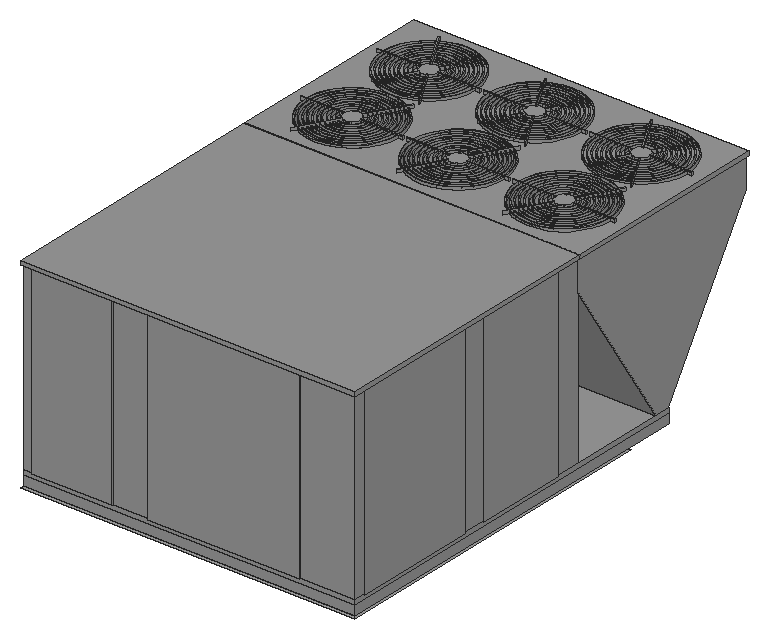
Revit family "RTU-1", category Mechanical Equipment, host Face, Revit 2025
Family settings
  Host = Face
  Round Connector Dimension = Use Diameter
  Classification = None
  Part Type = Normal
  Cut with Voids When Loaded = No
  Maintain Annotation Orientation = Yes
  Shared = No
  Room Calculation Point = No
Parameters (values of type "LCH 240 H4B K 1Y")
  URL = "https://tech.lennoxintl.com/C03e7o14l/VIu12Ch2uV/ehb_lch_cbox_2109.pdf"
  Supply Flow [instance] = 0 CFM
  Return Flow [instance] = 0 CFM
  Model = "LCH 240 H4B K 1Y"
  Material = Aluminum 1100-O
  Manufacturer = "LENNOX"
  Grill Material = Steel, Paint Finish, Dark Gray
  Default Elevation = 48"
Reference planes (in)
  plane 1 "Center (Front/Back)": y = 0
  plane 2: z = 0
  plane 3 "Center (Left/Right)": x = 0
  plane 4: z = 45.1875
  plane 5: y = 48.375
  plane 6: through (-28.53125, 37.65625, 55) normal (-0.7071, -0.7071, 0)
  plane 7: through (-28.53125, 37.65625, 55) normal (-0.7071, 0.7071, 0)
  plane 8: through (-28.53125, 37.65625, 55) normal (0.7071, -0.7071, 0)
  plane 9: through (-28.53125, 37.65625, 55) normal (0.7071, 0.7071, 0)
  plane 10: x = -30.90625
  plane 11: x = -31.90625
  plane 12: x = -32.90625
  plane 13: x = -33.90625
  plane 14: x = -34.90625
  plane 15: x = -35.90625
  plane 16: x = -36.90625
  plane 17: x = -37.90625
  plane 18: x = -38.90625
  plane 19: x = -39.90625
  plane 20: x = -40.90625
  plane 21: x = -42.34375
  plane 22: x = -41.03125
  plane 23: x = -14.71875
  plane 24: x = -16.03125
  plane 25: y = 52.625
  plane 26: y = 50.5
  plane 27: y = 22.25
  plane 28: y = 78.9375
  plane 29: y = 50.59375
  plane 30: x = -30.90625
  plane 31: x = -31.90625
  plane 32: x = -32.90625
  plane 33: x = -33.90625
  plane 34: x = -34.90625
  plane 35: x = -35.90625
  plane 36: x = -36.90625
  plane 37: x = -37.90625
  plane 38: x = -38.90625
  plane 39: x = -39.90625
  plane 40: x = -40.90625
  plane 41: x = -42.34375
  plane 42: x = -41.03125
  plane 43: x = -14.71875
  plane 44: x = -16.03125
  plane 45: x = -2.375
  plane 46: x = -3.375
  plane 47: x = -4.375
  plane 48: x = -5.375
  plane 49: x = -6.375
  plane 50: x = -7.375
  plane 51: x = -8.375
  plane 52: x = -9.375
  plane 53: x = -10.375
  plane 54: x = -11.375
  plane 55: x = -12.375
  plane 56: x = -13.8125
  plane 57: x = -12.5
  plane 58: x = 13.8125
  plane 59: x = 12.5
  plane 60: x = 26.15625
  plane 61: x = 25.15625
  plane 62: x = 24.15625
  plane 63: x = 23.15625
  plane 64: x = 22.15625
  plane 65: x = 21.15625
  plane 66: x = 20.15625
  plane 67: x = 19.15625
  plane 68: x = 18.15625
  plane 69: x = 17.15625
  plane 70: x = 16.15625
  plane 71: x = 14.71875
  plane 72: x = 16.03125
  plane 73: x = 42.34375
  plane 74: x = 41.03125
  plane 75: through (-36.72095, 74.75222, 110.75) normal (-0.5, 0.866, 0)
  plane 76: through (-34.78125, 74.35657, 110.75) normal (0.5, -0.866, 0)
  plane 77: through (-20.34155, 74.75222, 110.75) normal (-0.5, -0.866, 0)
  plane 78: through (-22.28125, 74.35657, 110.75) normal (0.5, 0.866, 0)
  plane 79: through (-36.72095, 52.31028, 110.75) normal (0.5, 0.866, 0)
  plane 80: through (-34.78125, 52.70593, 110.75) normal (-0.5, -0.866, 0)
  plane 81: through (-20.34155, 52.31028, 110.75) normal (0.5, -0.866, 0)
  plane 82: through (-22.28125, 52.70593, 110.75) normal (-0.5, 0.866, 0)
  plane 83: through (-36.72095, 26.43528, 110.75) normal (0.5, 0.866, 0)
  plane 84: through (-34.78125, 26.83093, 110.75) normal (-0.5, -0.866, 0)
  plane 85: through (-20.34155, 26.43528, 110.75) normal (0.5, -0.866, 0)
  plane 86: through (-22.28125, 26.83093, 110.75) normal (-0.5, 0.866, 0)
  plane 87: through (-36.72095, 48.87722, 110.75) normal (-0.5, 0.866, 0)
  plane 88: through (-34.78125, 48.48157, 110.75) normal (0.5, -0.866, 0)
  plane 89: through (-20.34155, 48.87722, 110.75) normal (-0.5, -0.866, 0)
  plane 90: through (-22.28125, 48.48157, 110.75) normal (0.5, 0.866, 0)
  plane 91: through (-8.1897, 74.75222, 110.75) normal (-0.5, 0.866, 0)
  plane 92: through (-6.25, 74.35657, 110.75) normal (0.5, -0.866, 0)
  plane 93: through (8.1897, 74.75222, 110.75) normal (-0.5, -0.866, 0)
  plane 94: through (6.25, 74.35657, 110.75) normal (0.5, 0.866, 0)
  plane 95: through (-8.1897, 52.31028, 110.75) normal (0.5, 0.866, 0)
  plane 96: through (-6.25, 52.70593, 110.75) normal (-0.5, -0.866, 0)
  plane 97: through (8.1897, 52.31028, 110.75) normal (0.5, -0.866, 0)
  plane 98: through (6.25, 52.70593, 110.75) normal (-0.5, 0.866, 0)
  plane 99: through (20.34155, 74.75222, 110.75) normal (-0.5, 0.866, 0)
  plane 100: through (22.28125, 74.35657, 110.75) normal (0.5, -0.866, 0)
  plane 101: through (36.72095, 74.75222, 110.75) normal (-0.5, -0.866, 0)
  plane 102: through (34.78125, 74.35657, 110.75) normal (0.5, 0.866, 0)
  plane 103: through (20.34155, 52.31028, 110.75) normal (0.5, 0.866, 0)
  plane 104: through (22.28125, 52.70593, 110.75) normal (-0.5, -0.866, 0)
  plane 105: through (36.72095, 52.31028, 110.75) normal (0.5, -0.866, 0)
  plane 106: through (34.78125, 52.70593, 110.75) normal (-0.5, 0.866, 0)
  plane 107: x = -30.90625
  plane 108: x = -31.90625
  plane 109: x = -32.90625
  plane 110: x = -33.90625
  plane 111: x = -34.90625
  plane 112: x = -35.90625
  plane 113: x = -36.90625
  plane 114: x = -37.90625
  plane 115: x = -38.90625
  plane 116: x = -39.90625
  plane 117: x = -40.90625
  plane 118: x = -42.34375
  plane 119: x = -41.03125
  plane 120: x = -14.71875
  plane 121: x = -16.03125
  plane 122: x = -2.375
  plane 123: x = -3.375
  plane 124: x = -4.375
  plane 125: x = -5.375
  plane 126: x = -6.375
  plane 127: x = -7.375
  plane 128: x = -8.375
  plane 129: x = -9.375
  plane 130: x = -10.375
  plane 131: x = -11.375
  plane 132: x = -12.375
  plane 133: x = -13.8125
  plane 134: x = -12.5
  plane 135: x = 13.8125
  plane 136: x = 12.5
  plane 137: x = 26.15625
  plane 138: x = 25.15625
  plane 139: x = 24.15625
  plane 140: x = 23.15625
  plane 141: x = 22.15625
  plane 142: x = 21.15625
  plane 143: x = 20.15625
  plane 144: x = 19.15625
  plane 145: x = 18.15625
  plane 146: x = 17.15625
  plane 147: x = 16.15625
  plane 148: x = 14.71875
  plane 149: x = 16.03125
  plane 150: x = 42.34375
  plane 151: x = 41.03125
  plane 152: through (-36.72095, 26.43528, 110.75) normal (0.5, 0.866, 0)
  plane 153: through (-34.78125, 26.83093, 110.75) normal (-0.5, -0.866, 0)
  plane 154: through (-20.34155, 26.43528, 110.75) normal (0.5, -0.866, 0)
  plane 155: through (-22.28125, 26.83093, 110.75) normal (-0.5, 0.866, 0)
  plane 156: through (-36.72095, 48.87722, 110.75) normal (-0.5, 0.866, 0)
  plane 157: through (-34.78125, 48.48157, 110.75) normal (0.5, -0.866, 0)
  plane 158: through (-20.34155, 48.87722, 110.75) normal (-0.5, -0.866, 0)
  plane 159: through (-22.28125, 48.48157, 110.75) normal (0.5, 0.866, 0)
  plane 160: through (-8.1897, 26.43528, 110.75) normal (0.5, 0.866, 0)
  plane 161: through (-6.25, 26.83093, 110.75) normal (-0.5, -0.866, 0)
  plane 162: through (8.1897, 26.43528, 110.75) normal (0.5, -0.866, 0)
  plane 163: through (6.25, 26.83093, 110.75) normal (-0.5, 0.866, 0)
  plane 164: through (-8.1897, 48.87722, 110.75) normal (-0.5, 0.866, 0)
  plane 165: through (-6.25, 48.48157, 110.75) normal (0.5, -0.866, 0)
  plane 166: through (8.1897, 48.87722, 110.75) normal (-0.5, -0.866, 0)
  plane 167: through (6.25, 48.48157, 110.75) normal (0.5, 0.866, 0)
  plane 168: through (20.34155, 26.43528, 110.75) normal (0.5, 0.866, 0)
  plane 169: through (22.28125, 26.83093, 110.75) normal (-0.5, -0.866, 0)
  plane 170: through (36.72095, 26.43528, 110.75) normal (0.5, -0.866, 0)
  plane 171: through (34.78125, 26.83093, 110.75) normal (-0.5, 0.866, 0)
  plane 172: through (20.34155, 48.87722, 110.75) normal (-0.5, 0.866, 0)
  plane 173: through (22.28125, 48.48157, 110.75) normal (0.5, -0.866, 0)
  plane 174: through (36.72095, 48.87722, 110.75) normal (-0.5, -0.866, 0)
  plane 175: through (34.78125, 48.48157, 110.75) normal (0.5, 0.866, 0)
Forms (in)
  Extrusion 1, solid, material "Aluminum 1100-O" <- "Material"
    sketch origin (0, 0, 0) x (1, 0, 0) y (0, 1, 0)
      loop
        line (-44.5625, 22.25) -> (-44.5625, -52.75) -> (44.5625, -52.75) -> (44.5625, 22.25) -> (-44.5625, 22.25)
    from 4.125 to 53.5625
  Extrusion 2, solid, material "Aluminum 1100-O" <- "Material"
    sketch origin (0, 0, -50.125) x (1, 0, 0) y (0, 1, 0)
      loop
        line (-44.5625, 52.75) -> (-44.5625, -52.75) -> (44.5625, -52.75) -> (44.5625, 52.75) -> (-44.5625, 52.75)
    from 53.0625 to 54.25
  Extrusion 3, solid, material "Aluminum 1100-O" <- "Material"
    sketch origin (0, 0, -51.3125) x (1, 0, 0) y (0, 1, 0)
      loop
        line (-44.5625, 52.75) -> (-44.5625, -52.75) -> (44.5625, -52.75) -> (44.5625, 52.75) -> (-44.5625, 52.75)
    from 51.6875 to 54.25
  Blend 4, solid, material "Aluminum 1100-O" <- "Material"
    base sketch origin (0, 0, 0) x (1, 0, 0) y (0, 1, 0)
      loop
        line (-45.0625, 39.41026) -> (-45.0625, -53.25) -> (45.0625, -53.25) -> (45.0625, 39.41026) -> (-45.0625, 39.41026)
    top sketch origin (0, 0, 0) x (1, 0, 0) y (0, 1, 0)
      loop
        line (-44.5625, 38.91026) -> (-44.5625, -52.75) -> (44.5625, -52.75) -> (44.5625, 38.91026) -> (-44.5625, 38.91026)
    from 0 to 0.375
  Extrusion 5, solid, material "Aluminum 1100-O" <- "Material"
    sketch origin (0, 0, 0) x (0, 1, 0) y (0, 0, 1)
      loop
        line (48.375, 4.125) -> (52.625, 4.125) -> (78.75, 45.1875) -> (78.75, 53.5625) -> (22.25, 53.5625) -> (22.25, 45.1875) -> (48.375, 4.125)
    from -44.5625 to 44.5625
  Extrusion 6, solid, material "Aluminum 1100-O" <- "Material"
    sketch origin (0, 0, 0) x (1, 0, 0) y (0, 1, 0)
      loop
        line (-45.0625, 22.25) -> (-45.0625, -53.25) -> (45.0625, -53.25) -> (45.0625, 22.25) -> (-45.0625, 22.25)
    from 53.5625 to 54.625
  Extrusion 7, solid, material "Aluminum 1100-O" <- "Material"
    sketch origin (0, 75.3125, 0) x (1, 0, 0) y (0, 1, 0)
      loop
        line (-45.0625, 3.625) -> (-45.0625, -53.0625) -> (45.0625, -53.0625) -> (45.0625, 3.625) -> (-45.0625, 3.625)
    from 53.5625 to 54.625
  Extrusion 8, void
    sketch origin (-8.58719, -1.71744, 0) x (1, 0, 0) y (0, 1, 0)
      loop
        circle (8.58719, 39.37369) r 12.5
      loop
        circle (-19.94406, 39.37369) r 12.5
      loop
        circle (37.11844, 39.37369) r 12.5
    from 45.45857 to 54.625
  Extrusion 9, solid, material "Steel, Paint Finish, Dark Gray" <- "Grill Material", not visible
    sketch origin (0, 0, 54.625) x (1, 0, 0) y (0, 1, 0)
      loop
        circle (-28.53125, 37.65625) r 2.375
      loop
        circle (-28.53125, 37.65625) r 3.375
      loop
        circle (-28.53125, 37.65625) r 3.5
      loop
        circle (-28.53125, 37.65625) r 4.375
      loop
        circle (-28.53125, 37.65625) r 5.25
      loop
        circle (-28.53125, 37.65625) r 4.5
      loop
        circle (-28.53125, 37.65625) r 5.375
      loop
        circle (-28.53125, 37.65625) r 6.375
      loop
        circle (-28.53125, 37.65625) r 7.375
      loop
        circle (-28.53125, 37.65625) r 9.375
      loop
        circle (-28.53125, 37.65625) r 10.375
      loop
        circle (-28.53125, 37.65625) r 11.375
      loop
        circle (-28.53125, 37.65625) r 12.375
      loop
        circle (-28.53125, 37.65625) r 12.5
      loop
        circle (-28.53125, 37.65625) r 7.5
      loop
        circle (-28.53125, 37.65625) r 9.5
      loop
        circle (-28.53125, 37.65625) r 10.5
      loop
        circle (-28.53125, 37.65625) r 11.5
      loop
        circle (-28.53125, 37.65625) r 8.375
      loop
        circle (-28.53125, 37.65625) r 8.5
      loop
        circle (-28.53125, 37.65625) r 6.5
    from 0 to 0.625
  Extrusion 10, solid, material "Steel, Paint Finish, Dark Gray" <- "Grill Material", not visible
    sketch origin (0, 0, 55.75) x (1, 0, 0) y (0, 1, 0)
      loop
        line (-42.34375, 37.78125) -> (-42.34375, 37.53125) -> (-30.90296, 37.53125)
        arc (-30.90296, 37.53125) -> (-30.90543, 37.59373) -> (-30.90625, 37.65625) r 2.375
        arc (-30.90625, 37.65625) -> (-30.90543, 37.71877) -> (-30.90296, 37.78125) r 2.375
        line (-30.90296, 37.78125) -> (-42.34375, 37.78125)
    from -1.125 to -0.3427
  Extrusion 11, solid, material "Steel, Paint Finish, Dark Gray" <- "Grill Material", not visible
    sketch origin (-57.0625, 0, 55.75) x (-1, 0, 0) y (0, -1, 0)
      loop
        line (-42.34375, -37.78125) -> (-30.90296, -37.78125)
        arc (-30.90296, -37.78125) -> (-30.90543, -37.71877) -> (-30.90625, -37.65625) r 2.375
        arc (-30.90625, -37.65625) -> (-30.90543, -37.59373) -> (-30.90296, -37.53125) r 2.375
        line (-30.90296, -37.53125) -> (-42.34375, -37.53125) -> (-42.34375, -37.78125)
    from -1.125 to -0.3427
  Extrusion 12, void
    sketch origin (0, 0, 0) x (1, 0, 0) y (0, 1, 0)
      loop
        line (-40.8125, 19.625) -> (-40.8125, -40.875) -> (-25.8125, -40.875) -> (-25.8125, 19.625) -> (-40.8125, 19.625)
      loop
        line (12.1875, -40.875) -> (12.1875, 19.625) -> (-7.8125, 19.625) -> (-7.8125, -40.875) -> (12.1875, -40.875)
      loop
        line (33.0625, -44.25) -> (33.0625, -49.25) -> (41.0625, -49.25) -> (41.0625, -44.25) -> (33.0625, -44.25)
    from 0 to 12
  Extrusion 13, solid, material "Steel, Paint Finish, Dark Gray" <- "Grill Material"
    sketch origin (0, 101.1875, 54.625) x (1, 0, 0) y (0, 1, 0)
      loop
        circle (-28.53125, -37.65625) r 2.375
      loop
        circle (-28.53125, -37.65625) r 3.375
      loop
        circle (-28.53125, -37.65625) r 3.5
      loop
        circle (-28.53125, -37.65625) r 4.375
      loop
        circle (-28.53125, -37.65625) r 5.25
      loop
        circle (-28.53125, -37.65625) r 4.5
      loop
        circle (-28.53125, -37.65625) r 5.375
      loop
        circle (-28.53125, -37.65625) r 6.375
      loop
        circle (-28.53125, -37.65625) r 7.375
      loop
        circle (-28.53125, -37.65625) r 9.375
      loop
        circle (-28.53125, -37.65625) r 10.375
      loop
        circle (-28.53125, -37.65625) r 11.375
      loop
        circle (-28.53125, -37.65625) r 12.375
      loop
        circle (-28.53125, -37.65625) r 12.5
      loop
        circle (-28.53125, -37.65625) r 7.5
      loop
        circle (-28.53125, -37.65625) r 9.5
      loop
        circle (-28.53125, -37.65625) r 10.5
      loop
        circle (-28.53125, -37.65625) r 11.5
      loop
        circle (-28.53125, -37.65625) r 8.375
      loop
        circle (-28.53125, -37.65625) r 8.5
      loop
        circle (-28.53125, -37.65625) r 6.5
    from 0 to 0.625
  Extrusion 14, solid, material "Steel, Paint Finish, Dark Gray" <- "Grill Material"
    sketch origin (0, 101.1875, 55.75) x (1, 0, 0) y (0, 1, 0)
      loop
        line (-42.34375, -37.78125) -> (-30.90296, -37.78125)
        arc (-30.90296, -37.78125) -> (-30.90543, -37.71877) -> (-30.90625, -37.65625) r 2.375
        arc (-30.90625, -37.65625) -> (-30.90543, -37.59373) -> (-30.90296, -37.53125) r 2.375
        line (-30.90296, -37.53125) -> (-42.34375, -37.53125) -> (-42.34375, -37.78125)
    from -1.125 to -0.3427
  Extrusion 15, solid, material "Steel, Paint Finish, Dark Gray" <- "Grill Material"
    sketch origin (-57.0625, 101.1875, 55.75) x (-1, 0, 0) y (0, -1, 0)
      loop
        line (-42.34375, 37.78125) -> (-42.34375, 37.53125) -> (-30.90296, 37.53125)
        arc (-30.90296, 37.53125) -> (-30.90543, 37.59373) -> (-30.90625, 37.65625) r 2.375
        arc (-30.90625, 37.65625) -> (-30.90543, 37.71877) -> (-30.90296, 37.78125) r 2.375
        line (-30.90296, 37.78125) -> (-42.34375, 37.78125)
    from -1.125 to -0.3427
  Extrusion 16, solid, material "Steel, Paint Finish, Dark Gray" <- "Grill Material"
    sketch origin (28.53125, 101.1875, 54.625) x (1, 0, 0) y (0, 1, 0)
      loop
        circle (-28.53125, -37.65625) r 2.375
      loop
        circle (-28.53125, -37.65625) r 3.375
      loop
        circle (-28.53125, -37.65625) r 3.5
      loop
        circle (-28.53125, -37.65625) r 4.375
      loop
        circle (-28.53125, -37.65625) r 5.25
      loop
        circle (-28.53125, -37.65625) r 4.5
      loop
        circle (-28.53125, -37.65625) r 5.375
      loop
        circle (-28.53125, -37.65625) r 6.375
      loop
        circle (-28.53125, -37.65625) r 7.375
      loop
        circle (-28.53125, -37.65625) r 9.375
      loop
        circle (-28.53125, -37.65625) r 10.375
      loop
        circle (-28.53125, -37.65625) r 11.375
      loop
        circle (-28.53125, -37.65625) r 12.375
      loop
        circle (-28.53125, -37.65625) r 12.5
      loop
        circle (-28.53125, -37.65625) r 7.5
      loop
        circle (-28.53125, -37.65625) r 9.5
      loop
        circle (-28.53125, -37.65625) r 10.5
      loop
        circle (-28.53125, -37.65625) r 11.5
      loop
        circle (-28.53125, -37.65625) r 8.375
      loop
        circle (-28.53125, -37.65625) r 8.5
      loop
        circle (-28.53125, -37.65625) r 6.5
    from 0 to 0.625
  Extrusion 17, solid, material "Steel, Paint Finish, Dark Gray" <- "Grill Material"
    sketch origin (28.53125, 101.1875, 55.75) x (1, 0, 0) y (0, 1, 0)
      loop
        line (-42.34375, -37.78125) -> (-30.90296, -37.78125)
        arc (-30.90296, -37.78125) -> (-30.90543, -37.71877) -> (-30.90625, -37.65625) r 2.375
        arc (-30.90625, -37.65625) -> (-30.90543, -37.59373) -> (-30.90296, -37.53125) r 2.375
        line (-30.90296, -37.53125) -> (-42.34375, -37.53125) -> (-42.34375, -37.78125)
    from -1.125 to -0.3427
  Extrusion 18, solid, material "Steel, Paint Finish, Dark Gray" <- "Grill Material"
    sketch origin (-28.53125, 101.1875, 55.75) x (-1, 0, 0) y (0, -1, 0)
      loop
        line (-42.34375, 37.78125) -> (-42.34375, 37.53125) -> (-30.90296, 37.53125)
        arc (-30.90296, 37.53125) -> (-30.90543, 37.59373) -> (-30.90625, 37.65625) r 2.375
        arc (-30.90625, 37.65625) -> (-30.90543, 37.71877) -> (-30.90296, 37.78125) r 2.375
        line (-30.90296, 37.78125) -> (-42.34375, 37.78125)
    from -1.125 to -0.3427
  Extrusion 19, solid, material "Steel, Paint Finish, Dark Gray" <- "Grill Material"
    sketch origin (57.0625, 0, 54.625) x (1, 0, 0) y (0, 1, 0)
      loop
        circle (-28.53125, 63.53125) r 2.375
      loop
        circle (-28.53125, 63.53125) r 3.375
      loop
        circle (-28.53125, 63.53125) r 3.5
      loop
        circle (-28.53125, 63.53125) r 4.375
      loop
        circle (-28.53125, 63.53125) r 5.25
      loop
        circle (-28.53125, 63.53125) r 4.5
      loop
        circle (-28.53125, 63.53125) r 5.375
      loop
        circle (-28.53125, 63.53125) r 6.375
      loop
        circle (-28.53125, 63.53125) r 7.375
      loop
        circle (-28.53125, 63.53125) r 9.375
      loop
        circle (-28.53125, 63.53125) r 10.375
      loop
        circle (-28.53125, 63.53125) r 11.375
      loop
        circle (-28.53125, 63.53125) r 12.375
      loop
        circle (-28.53125, 63.53125) r 12.5
      loop
        circle (-28.53125, 63.53125) r 7.5
      loop
        circle (-28.53125, 63.53125) r 9.5
      loop
        circle (-28.53125, 63.53125) r 10.5
      loop
        circle (-28.53125, 63.53125) r 11.5
      loop
        circle (-28.53125, 63.53125) r 8.375
      loop
        circle (-28.53125, 63.53125) r 8.5
      loop
        circle (-28.53125, 63.53125) r 6.5
    from 0 to 0.625
  Extrusion 20, solid, material "Steel, Paint Finish, Dark Gray" <- "Grill Material"
    sketch origin (57.0625, 0, 55.75) x (1, 0, 0) y (0, 1, 0)
      loop
        line (-42.34375, 63.40625) -> (-30.90296, 63.40625)
        arc (-30.90296, 63.40625) -> (-30.90543, 63.46873) -> (-30.90625, 63.53125) r 2.375
        arc (-30.90625, 63.53125) -> (-30.90543, 63.59377) -> (-30.90296, 63.65625) r 2.375
        line (-30.90296, 63.65625) -> (-42.34375, 63.65625) -> (-42.34375, 63.40625)
    from -1.125 to -0.3427
  Extrusion 21, solid, material "Steel, Paint Finish, Dark Gray" <- "Grill Material"
    sketch origin (0, 0, 55.75) x (-1, 0, 0) y (0, -1, 0)
      loop
        line (-42.34375, -63.40625) -> (-42.34375, -63.65625) -> (-30.90296, -63.65625)
        arc (-30.90296, -63.65625) -> (-30.90543, -63.59377) -> (-30.90625, -63.53125) r 2.375
        arc (-30.90625, -63.53125) -> (-30.90543, -63.46873) -> (-30.90296, -63.40625) r 2.375
        line (-30.90296, -63.40625) -> (-42.34375, -63.40625)
    from -1.125 to -0.3427
  Extrusion 22, solid, material "Steel, Paint Finish, Dark Gray" <- "Grill Material"
    sketch origin (-69.2853, 108.24434, 55.75) x (0.5, -0.866025, 0) y (0.866025, 0.5, 0)
      loop
        line (45.2872, 12.8125) -> (56.72799, 12.8125)
        arc (56.72799, 12.8125) -> (56.72552, 12.87498) -> (56.7247, 12.9375) r 2.375
        arc (56.7247, 12.9375) -> (56.72552, 13.00002) -> (56.72799, 13.0625) r 2.375
        line (56.72799, 13.0625) -> (45.2872, 13.0625) -> (45.2872, 12.8125)
    from -1.125 to -0.3427
  Extrusion 23, solid, material "Steel, Paint Finish, Dark Gray" <- "Grill Material"
    sketch origin (12.2228, 108.24434, 55.75) x (-0.5, -0.866025, 0) y (0.866025, -0.5, 0)
      loop
        line (53.86779, -12.8125) -> (53.86779, -13.0625) -> (56.72799, -13.0625)
        arc (56.72799, -13.0625) -> (56.72552, -13.00002) -> (56.7247, -12.9375) r 2.375
        arc (56.7247, -12.9375) -> (56.72552, -12.87498) -> (56.72799, -12.8125) r 2.375
        line (56.72799, -12.8125) -> (53.86779, -12.8125)
    from -1.125 to -0.3427
  Extrusion 24, solid, material "Steel, Paint Finish, Dark Gray" <- "Grill Material"
    sketch origin (-69.2853, 221.19316, 55.75) x (0.5, 0.866025, 0) y (-0.866025, 0.5, 0)
      loop
        line (-121.3941, -114) -> (-121.3941, -114.25) -> (-118.5339, -114.25)
        arc (-118.5339, -114.25) -> (-118.53637, -114.18752) -> (-118.5372, -114.125) r 2.375
        arc (-118.5372, -114.125) -> (-118.53637, -114.06248) -> (-118.5339, -114) r 2.375
        line (-118.5339, -114) -> (-121.3941, -114)
    from -1.125 to -0.3427
  Extrusion 25, solid, material "Steel, Paint Finish, Dark Gray" <- "Grill Material"
    sketch origin (12.2228, 221.19316, 55.75) x (-0.5, 0.866025, 0) y (-0.866025, -0.5, 0)
      loop
        line (-129.9747, 114) -> (-118.5339, 114)
        arc (-118.5339, 114) -> (-118.53637, 114.06248) -> (-118.5372, 114.125) r 2.375
        arc (-118.5372, 114.125) -> (-118.53637, 114.18752) -> (-118.5339, 114.25) r 2.375
        line (-118.5339, 114.25) -> (-129.9747, 114.25) -> (-129.9747, 114)
    from -1.125 to -0.3427
  Extrusion 26, solid, material "Steel, Paint Finish, Dark Gray" <- "Grill Material", not visible
    sketch origin (-69.2853, 7.05684, 55.75) x (0.5, -0.866025, 0) y (0.866025, 0.5, 0)
      loop
        line (0.67515, 38.56927) -> (0.89166, 38.69427) -> (-4.82874, 48.60229)
        arc (-4.82874, 48.60229) -> (-4.88161, 48.56891) -> (-4.93534, 48.53694) r 2.375
        arc (-4.93534, 48.53694) -> (-4.9899, 48.50639) -> (-5.04524, 48.47729) r 2.375
        line (-5.04524, 48.47729) -> (0.67515, 38.56927)
    from -1.125 to -0.3427
  Extrusion 27, solid, material "Steel, Paint Finish, Dark Gray" <- "Grill Material", not visible
    sketch origin (12.2228, 7.05684, 55.75) x (-0.5, -0.866025, 0) y (0.866025, -0.5, 0)
      loop
        line (0.67515, -48.47729) -> (-5.04524, -48.47729)
        arc (-5.04524, -48.47729) -> (-4.9899, -48.50639) -> (-4.93534, -48.53694) r 2.375
        arc (-4.93534, -48.53694) -> (-4.88161, -48.56891) -> (-4.82874, -48.60229) r 2.375
        line (-4.82874, -48.60229) -> (0.67515, -48.60229) -> (0.67515, -48.47729)
    from -1.125 to -0.3427
  Extrusion 28, solid, material "Steel, Paint Finish, Dark Gray" <- "Grill Material", not visible
    sketch origin (-69.2853, 120.00566, 55.75) x (0.5, 0.866025, 0) y (-0.866025, 0.5, 0)
      loop
        line (-44.14166, -74.35229) -> (-49.86206, -74.35229)
        arc (-49.86206, -74.35229) -> (-49.80671, -74.38139) -> (-49.75216, -74.41194) r 2.375
        arc (-49.75216, -74.41194) -> (-49.69842, -74.44391) -> (-49.64555, -74.47729) r 2.375
        line (-49.64555, -74.47729) -> (-44.14166, -74.47729) -> (-44.14166, -74.35229)
    from -1.125 to -0.3427
  Extrusion 29, solid, material "Steel, Paint Finish, Dark Gray" <- "Grill Material", not visible
    sketch origin (12.2228, 120.00566, 55.75) x (-0.5, 0.866025, 0) y (-0.866025, -0.5, 0)
      loop
        line (-44.14166, 64.44427) -> (-43.92515, 64.56927) -> (-49.64555, 74.47729)
        arc (-49.64555, 74.47729) -> (-49.69842, 74.44391) -> (-49.75216, 74.41194) r 2.375
        arc (-49.75216, 74.41194) -> (-49.80671, 74.38139) -> (-49.86206, 74.35229) r 2.375
        line (-49.86206, 74.35229) -> (-44.14166, 64.44427)
    from -1.125 to -0.3427
  Extrusion 30, solid, material "Steel, Paint Finish, Dark Gray" <- "Grill Material"
    sketch origin (-40.75405, 108.24434, 55.75) x (0.5, -0.866025, 0) y (0.866025, 0.5, 0)
      loop
        line (45.2872, 12.8125) -> (56.72799, 12.8125)
        arc (56.72799, 12.8125) -> (56.72552, 12.87498) -> (56.7247, 12.9375) r 2.375
        arc (56.7247, 12.9375) -> (56.72552, 13.00002) -> (56.72799, 13.0625) r 2.375
        line (56.72799, 13.0625) -> (45.2872, 13.0625) -> (45.2872, 12.8125)
    from -1.125 to -0.3427
  Extrusion 31, solid, material "Steel, Paint Finish, Dark Gray" <- "Grill Material"
    sketch origin (40.75405, 108.24434, 55.75) x (-0.5, -0.866025, 0) y (0.866025, -0.5, 0)
      loop
        line (53.86779, -12.8125) -> (53.86779, -13.0625) -> (56.72799, -13.0625)
        arc (56.72799, -13.0625) -> (56.72552, -13.00002) -> (56.7247, -12.9375) r 2.375
        arc (56.7247, -12.9375) -> (56.72552, -12.87498) -> (56.72799, -12.8125) r 2.375
        line (56.72799, -12.8125) -> (53.86779, -12.8125)
    from -1.125 to -0.3427
  Extrusion 32, solid, material "Steel, Paint Finish, Dark Gray" <- "Grill Material"
    sketch origin (-40.75405, 221.19316, 55.75) x (0.5, 0.866025, 0) y (-0.866025, 0.5, 0)
      loop
        line (-121.3941, -114) -> (-121.3941, -114.25) -> (-118.5339, -114.25)
        arc (-118.5339, -114.25) -> (-118.53637, -114.18752) -> (-118.5372, -114.125) r 2.375
        arc (-118.5372, -114.125) -> (-118.53637, -114.06248) -> (-118.5339, -114) r 2.375
        line (-118.5339, -114) -> (-121.3941, -114)
    from -1.125 to -0.3427
  Extrusion 33, solid, material "Steel, Paint Finish, Dark Gray" <- "Grill Material"
    sketch origin (40.75405, 221.19316, 55.75) x (-0.5, 0.866025, 0) y (-0.866025, -0.5, 0)
      loop
        line (-129.9747, 114) -> (-118.5339, 114)
        arc (-118.5339, 114) -> (-118.53637, 114.06248) -> (-118.5372, 114.125) r 2.375
        arc (-118.5372, 114.125) -> (-118.53637, 114.18752) -> (-118.5339, 114.25) r 2.375
        line (-118.5339, 114.25) -> (-129.9747, 114.25) -> (-129.9747, 114)
    from -1.125 to -0.3427
  Extrusion 34, solid, material "Steel, Paint Finish, Dark Gray" <- "Grill Material"
    sketch origin (-12.2228, 7.05684, 55.75) x (0.5, -0.866025, 0) y (0.866025, 0.5, 0)
      loop
        line (-42.34375, 63.40625) -> (-30.90296, 63.40625)
        arc (-30.90296, 63.40625) -> (-30.90543, 63.46873) -> (-30.90625, 63.53125) r 2.375
        arc (-30.90625, 63.53125) -> (-30.90543, 63.59377) -> (-30.90296, 63.65625) r 2.375
        line (-30.90296, 63.65625) -> (-42.34375, 63.65625) -> (-42.34375, 63.40625)
    from -1.125 to -0.3427
  Extrusion 35, solid, material "Steel, Paint Finish, Dark Gray" <- "Grill Material"
    sketch origin (69.2853, 7.05684, 55.75) x (-0.5, -0.866025, 0) y (0.866025, -0.5, 0)
      loop
        line (-33.76316, -63.40625) -> (-33.76316, -63.65625) -> (-30.90296, -63.65625)
        arc (-30.90296, -63.65625) -> (-30.90543, -63.59377) -> (-30.90625, -63.53125) r 2.375
        arc (-30.90625, -63.53125) -> (-30.90543, -63.46873) -> (-30.90296, -63.40625) r 2.375
        line (-30.90296, -63.40625) -> (-33.76316, -63.40625)
    from -1.125 to -0.3427
  Extrusion 36, solid, material "Steel, Paint Finish, Dark Gray" <- "Grill Material"
    sketch origin (-12.2228, 120.00566, 55.75) x (0.5, 0.866025, 0) y (-0.866025, 0.5, 0)
      loop
        line (-33.76316, -63.40625) -> (-33.76316, -63.65625) -> (-30.90296, -63.65625)
        arc (-30.90296, -63.65625) -> (-30.90543, -63.59377) -> (-30.90625, -63.53125) r 2.375
        arc (-30.90625, -63.53125) -> (-30.90543, -63.46873) -> (-30.90296, -63.40625) r 2.375
        line (-30.90296, -63.40625) -> (-33.76316, -63.40625)
    from -1.125 to -0.3427
  Extrusion 37, solid, material "Steel, Paint Finish, Dark Gray" <- "Grill Material"
    sketch origin (69.2853, 120.00566, 55.75) x (-0.5, 0.866025, 0) y (-0.866025, -0.5, 0)
      loop
        line (-42.34375, 63.40625) -> (-30.90296, 63.40625)
        arc (-30.90296, 63.40625) -> (-30.90543, 63.46873) -> (-30.90625, 63.53125) r 2.375
        arc (-30.90625, 63.53125) -> (-30.90543, 63.59377) -> (-30.90296, 63.65625) r 2.375
        line (-30.90296, 63.65625) -> (-42.34375, 63.65625) -> (-42.34375, 63.40625)
    from -1.125 to -0.3427
  Extrusion 38, solid, material "Steel, Paint Finish, Dark Gray" <- "Grill Material"
    sketch origin (0, 0, 54.625) x (1, 0, 0) y (0, 1, 0)
      loop
        circle (-28.53125, 37.65625) r 2.375
      loop
        circle (-28.53125, 37.65625) r 3.375
      loop
        circle (-28.53125, 37.65625) r 3.5
      loop
        circle (-28.53125, 37.65625) r 4.375
      loop
        circle (-28.53125, 37.65625) r 5.25
      loop
        circle (-28.53125, 37.65625) r 4.5
      loop
        circle (-28.53125, 37.65625) r 5.375
      loop
        circle (-28.53125, 37.65625) r 6.375
      loop
        circle (-28.53125, 37.65625) r 7.375
      loop
        circle (-28.53125, 37.65625) r 9.375
      loop
        circle (-28.53125, 37.65625) r 10.375
      loop
        circle (-28.53125, 37.65625) r 11.375
      loop
        circle (-28.53125, 37.65625) r 12.375
      loop
        circle (-28.53125, 37.65625) r 12.5
      loop
        circle (-28.53125, 37.65625) r 7.5
      loop
        circle (-28.53125, 37.65625) r 9.5
      loop
        circle (-28.53125, 37.65625) r 10.5
      loop
        circle (-28.53125, 37.65625) r 11.5
      loop
        circle (-28.53125, 37.65625) r 8.375
      loop
        circle (-28.53125, 37.65625) r 8.5
      loop
        circle (-28.53125, 37.65625) r 6.5
    from 0 to 0.625
  Extrusion 39, solid, material "Steel, Paint Finish, Dark Gray" <- "Grill Material"
    sketch origin (0, 0, 55.75) x (1, 0, 0) y (0, 1, 0)
      loop
        line (-42.34375, 37.78125) -> (-42.34375, 37.53125) -> (-30.90296, 37.53125)
        arc (-30.90296, 37.53125) -> (-30.90543, 37.59373) -> (-30.90625, 37.65625) r 2.375
        arc (-30.90625, 37.65625) -> (-30.90543, 37.71877) -> (-30.90296, 37.78125) r 2.375
        line (-30.90296, 37.78125) -> (-42.34375, 37.78125)
    from -1.125 to -0.3427
  Extrusion 40, solid, material "Steel, Paint Finish, Dark Gray" <- "Grill Material"
    sketch origin (-57.0625, 0, 55.75) x (-1, 0, 0) y (0, -1, 0)
      loop
        line (-42.34375, -37.78125) -> (-30.90296, -37.78125)
        arc (-30.90296, -37.78125) -> (-30.90543, -37.71877) -> (-30.90625, -37.65625) r 2.375
        arc (-30.90625, -37.65625) -> (-30.90543, -37.59373) -> (-30.90296, -37.53125) r 2.375
        line (-30.90296, -37.53125) -> (-42.34375, -37.53125) -> (-42.34375, -37.78125)
    from -1.125 to -0.3427
  Extrusion 41, solid, material "Steel, Paint Finish, Dark Gray" <- "Grill Material"
    sketch origin (28.53125, 0, 54.625) x (1, 0, 0) y (0, 1, 0)
      loop
        circle (-28.53125, 37.65625) r 2.375
      loop
        circle (-28.53125, 37.65625) r 3.375
      loop
        circle (-28.53125, 37.65625) r 3.5
      loop
        circle (-28.53125, 37.65625) r 4.375
      loop
        circle (-28.53125, 37.65625) r 5.25
      loop
        circle (-28.53125, 37.65625) r 4.5
      loop
        circle (-28.53125, 37.65625) r 5.375
      loop
        circle (-28.53125, 37.65625) r 6.375
      loop
        circle (-28.53125, 37.65625) r 7.375
      loop
        circle (-28.53125, 37.65625) r 9.375
      loop
        circle (-28.53125, 37.65625) r 10.375
      loop
        circle (-28.53125, 37.65625) r 11.375
      loop
        circle (-28.53125, 37.65625) r 12.375
      loop
        circle (-28.53125, 37.65625) r 12.5
      loop
        circle (-28.53125, 37.65625) r 7.5
      loop
        circle (-28.53125, 37.65625) r 9.5
      loop
        circle (-28.53125, 37.65625) r 10.5
      loop
        circle (-28.53125, 37.65625) r 11.5
      loop
        circle (-28.53125, 37.65625) r 8.375
      loop
        circle (-28.53125, 37.65625) r 8.5
      loop
        circle (-28.53125, 37.65625) r 6.5
    from 0 to 0.625
  Extrusion 42, solid, material "Steel, Paint Finish, Dark Gray" <- "Grill Material"
    sketch origin (28.53125, 0, 55.75) x (1, 0, 0) y (0, 1, 0)
      loop
        line (-42.34375, 37.78125) -> (-42.34375, 37.53125) -> (-30.90296, 37.53125)
        arc (-30.90296, 37.53125) -> (-30.90543, 37.59373) -> (-30.90625, 37.65625) r 2.375
        arc (-30.90625, 37.65625) -> (-30.90543, 37.71877) -> (-30.90296, 37.78125) r 2.375
        line (-30.90296, 37.78125) -> (-42.34375, 37.78125)
    from -1.125 to -0.3427
  Extrusion 43, solid, material "Steel, Paint Finish, Dark Gray" <- "Grill Material"
    sketch origin (-28.53125, 0, 55.75) x (-1, 0, 0) y (0, -1, 0)
      loop
        line (-42.34375, -37.78125) -> (-30.90296, -37.78125)
        arc (-30.90296, -37.78125) -> (-30.90543, -37.71877) -> (-30.90625, -37.65625) r 2.375
        arc (-30.90625, -37.65625) -> (-30.90543, -37.59373) -> (-30.90296, -37.53125) r 2.375
        line (-30.90296, -37.53125) -> (-42.34375, -37.53125) -> (-42.34375, -37.78125)
    from -1.125 to -0.3427
  Extrusion 44, solid, material "Steel, Paint Finish, Dark Gray" <- "Grill Material"
    sketch origin (57.0625, 0, 54.625) x (1, 0, 0) y (0, 1, 0)
      loop
        circle (-28.53125, 37.65625) r 2.375
      loop
        circle (-28.53125, 37.65625) r 3.375
      loop
        circle (-28.53125, 37.65625) r 3.5
      loop
        circle (-28.53125, 37.65625) r 4.375
      loop
        circle (-28.53125, 37.65625) r 5.25
      loop
        circle (-28.53125, 37.65625) r 4.5
      loop
        circle (-28.53125, 37.65625) r 5.375
      loop
        circle (-28.53125, 37.65625) r 6.375
      loop
        circle (-28.53125, 37.65625) r 7.375
      loop
        circle (-28.53125, 37.65625) r 9.375
      loop
        circle (-28.53125, 37.65625) r 10.375
      loop
        circle (-28.53125, 37.65625) r 11.375
      loop
        circle (-28.53125, 37.65625) r 12.375
      loop
        circle (-28.53125, 37.65625) r 12.5
      loop
        circle (-28.53125, 37.65625) r 7.5
      loop
        circle (-28.53125, 37.65625) r 9.5
      loop
        circle (-28.53125, 37.65625) r 10.5
      loop
        circle (-28.53125, 37.65625) r 11.5
      loop
        circle (-28.53125, 37.65625) r 8.375
      loop
        circle (-28.53125, 37.65625) r 8.5
      loop
        circle (-28.53125, 37.65625) r 6.5
    from 0 to 0.625
  Extrusion 45, solid, material "Steel, Paint Finish, Dark Gray" <- "Grill Material"
    sketch origin (57.0625, 0, 55.75) x (1, 0, 0) y (0, 1, 0)
      loop
        line (-42.34375, 37.78125) -> (-42.34375, 37.53125) -> (-30.90296, 37.53125)
        arc (-30.90296, 37.53125) -> (-30.90543, 37.59373) -> (-30.90625, 37.65625) r 2.375
        arc (-30.90625, 37.65625) -> (-30.90543, 37.71877) -> (-30.90296, 37.78125) r 2.375
        line (-30.90296, 37.78125) -> (-42.34375, 37.78125)
    from -1.125 to -0.3427
  Extrusion 46, solid, material "Steel, Paint Finish, Dark Gray" <- "Grill Material"
    sketch origin (0, 0, 55.75) x (-1, 0, 0) y (0, -1, 0)
      loop
        line (-42.34375, -37.78125) -> (-30.90296, -37.78125)
        arc (-30.90296, -37.78125) -> (-30.90543, -37.71877) -> (-30.90625, -37.65625) r 2.375
        arc (-30.90625, -37.65625) -> (-30.90543, -37.59373) -> (-30.90296, -37.53125) r 2.375
        line (-30.90296, -37.53125) -> (-42.34375, -37.53125) -> (-42.34375, -37.78125)
    from -1.125 to -0.3427
  Extrusion 47, solid, material "Steel, Paint Finish, Dark Gray" <- "Grill Material"
    sketch origin (-69.2853, 7.05684, 55.75) x (0.5, -0.866025, 0) y (0.866025, 0.5, 0)
      loop
        line (0.67515, 38.56927) -> (0.89166, 38.69427) -> (-4.82874, 48.60229)
        arc (-4.82874, 48.60229) -> (-4.88161, 48.56891) -> (-4.93534, 48.53694) r 2.375
        arc (-4.93534, 48.53694) -> (-4.9899, 48.50639) -> (-5.04524, 48.47729) r 2.375
        line (-5.04524, 48.47729) -> (0.67515, 38.56927)
    from -1.125 to -0.3427
  Extrusion 48, solid, material "Steel, Paint Finish, Dark Gray" <- "Grill Material"
    sketch origin (12.2228, 7.05684, 55.75) x (-0.5, -0.866025, 0) y (0.866025, -0.5, 0)
      loop
        line (0.67515, -48.47729) -> (-5.04524, -48.47729)
        arc (-5.04524, -48.47729) -> (-4.9899, -48.50639) -> (-4.93534, -48.53694) r 2.375
        arc (-4.93534, -48.53694) -> (-4.88161, -48.56891) -> (-4.82874, -48.60229) r 2.375
        line (-4.82874, -48.60229) -> (0.67515, -48.60229) -> (0.67515, -48.47729)
    from -1.125 to -0.3427
  Extrusion 49, solid, material "Steel, Paint Finish, Dark Gray" <- "Grill Material"
    sketch origin (-69.2853, 120.00566, 55.75) x (0.5, 0.866025, 0) y (-0.866025, 0.5, 0)
      loop
        line (-44.14166, -74.35229) -> (-49.86206, -74.35229)
        arc (-49.86206, -74.35229) -> (-49.80671, -74.38139) -> (-49.75216, -74.41194) r 2.375
        arc (-49.75216, -74.41194) -> (-49.69842, -74.44391) -> (-49.64555, -74.47729) r 2.375
        line (-49.64555, -74.47729) -> (-44.14166, -74.47729) -> (-44.14166, -74.35229)
    from -1.125 to -0.3427
  Extrusion 50, solid, material "Steel, Paint Finish, Dark Gray" <- "Grill Material"
    sketch origin (12.2228, 120.00566, 55.75) x (-0.5, 0.866025, 0) y (-0.866025, -0.5, 0)
      loop
        line (-44.14166, 64.44427) -> (-43.92515, 64.56927) -> (-49.64555, 74.47729)
        arc (-49.64555, 74.47729) -> (-49.69842, 74.44391) -> (-49.75216, 74.41194) r 2.375
        arc (-49.75216, 74.41194) -> (-49.80671, 74.38139) -> (-49.86206, 74.35229) r 2.375
        line (-49.86206, 74.35229) -> (-44.14166, 64.44427)
    from -1.125 to -0.3427
  Extrusion 51, solid, material "Steel, Paint Finish, Dark Gray" <- "Grill Material"
    sketch origin (-40.75405, 7.05684, 55.75) x (0.5, -0.866025, 0) y (0.866025, 0.5, 0)
      loop
        line (0.67515, 38.56927) -> (0.89166, 38.69427) -> (-4.82874, 48.60229)
        arc (-4.82874, 48.60229) -> (-4.88161, 48.56891) -> (-4.93534, 48.53694) r 2.375
        arc (-4.93534, 48.53694) -> (-4.9899, 48.50639) -> (-5.04524, 48.47729) r 2.375
        line (-5.04524, 48.47729) -> (0.67515, 38.56927)
    from -1.125 to -0.3427
  Extrusion 52, solid, material "Steel, Paint Finish, Dark Gray" <- "Grill Material"
    sketch origin (40.75405, 7.05684, 55.75) x (-0.5, -0.866025, 0) y (0.866025, -0.5, 0)
      loop
        line (0.67515, -48.47729) -> (-5.04524, -48.47729)
        arc (-5.04524, -48.47729) -> (-4.9899, -48.50639) -> (-4.93534, -48.53694) r 2.375
        arc (-4.93534, -48.53694) -> (-4.88161, -48.56891) -> (-4.82874, -48.60229) r 2.375
        line (-4.82874, -48.60229) -> (0.67515, -48.60229) -> (0.67515, -48.47729)
    from -1.125 to -0.3427
  Extrusion 53, solid, material "Steel, Paint Finish, Dark Gray" <- "Grill Material"
    sketch origin (-40.75405, 120.00566, 55.75) x (0.5, 0.866025, 0) y (-0.866025, 0.5, 0)
      loop
        line (-44.14166, -74.35229) -> (-49.86206, -74.35229)
        arc (-49.86206, -74.35229) -> (-49.80671, -74.38139) -> (-49.75216, -74.41194) r 2.375
        arc (-49.75216, -74.41194) -> (-49.69842, -74.44391) -> (-49.64555, -74.47729) r 2.375
        line (-49.64555, -74.47729) -> (-44.14166, -74.47729) -> (-44.14166, -74.35229)
    from -1.125 to -0.3427
  Extrusion 54, solid, material "Steel, Paint Finish, Dark Gray" <- "Grill Material"
    sketch origin (40.75405, 120.00566, 55.75) x (-0.5, 0.866025, 0) y (-0.866025, -0.5, 0)
      loop
        line (-44.14166, 64.44427) -> (-43.92515, 64.56927) -> (-49.64555, 74.47729)
        arc (-49.64555, 74.47729) -> (-49.69842, 74.44391) -> (-49.75216, 74.41194) r 2.375
        arc (-49.75216, 74.41194) -> (-49.80671, 74.38139) -> (-49.86206, 74.35229) r 2.375
        line (-49.86206, 74.35229) -> (-44.14166, 64.44427)
    from -1.125 to -0.3427
  Extrusion 55, solid, material "Steel, Paint Finish, Dark Gray" <- "Grill Material"
    sketch origin (-12.2228, 7.05684, 55.75) x (0.5, -0.866025, 0) y (0.866025, 0.5, 0)
      loop
        line (0.67515, 38.56927) -> (0.89166, 38.69427) -> (-4.82874, 48.60229)
        arc (-4.82874, 48.60229) -> (-4.88161, 48.56891) -> (-4.93534, 48.53694) r 2.375
        arc (-4.93534, 48.53694) -> (-4.9899, 48.50639) -> (-5.04524, 48.47729) r 2.375
        line (-5.04524, 48.47729) -> (0.67515, 38.56927)
    from -1.125 to -0.3427
  Extrusion 56, solid, material "Steel, Paint Finish, Dark Gray" <- "Grill Material"
    sketch origin (69.2853, 7.05684, 55.75) x (-0.5, -0.866025, 0) y (0.866025, -0.5, 0)
      loop
        line (0.67515, -48.47729) -> (-5.04524, -48.47729)
        arc (-5.04524, -48.47729) -> (-4.9899, -48.50639) -> (-4.93534, -48.53694) r 2.375
        arc (-4.93534, -48.53694) -> (-4.88161, -48.56891) -> (-4.82874, -48.60229) r 2.375
        line (-4.82874, -48.60229) -> (0.67515, -48.60229) -> (0.67515, -48.47729)
    from -1.125 to -0.3427
  Extrusion 57, solid, material "Steel, Paint Finish, Dark Gray" <- "Grill Material"
    sketch origin (-12.2228, 120.00566, 55.75) x (0.5, 0.866025, 0) y (-0.866025, 0.5, 0)
      loop
        line (-44.14166, -74.35229) -> (-49.86206, -74.35229)
        arc (-49.86206, -74.35229) -> (-49.80671, -74.38139) -> (-49.75216, -74.41194) r 2.375
        arc (-49.75216, -74.41194) -> (-49.69842, -74.44391) -> (-49.64555, -74.47729) r 2.375
        line (-49.64555, -74.47729) -> (-44.14166, -74.47729) -> (-44.14166, -74.35229)
    from -1.125 to -0.3427
  Extrusion 58, solid, material "Steel, Paint Finish, Dark Gray" <- "Grill Material"
    sketch origin (69.2853, 120.00566, 55.75) x (-0.5, 0.866025, 0) y (-0.866025, -0.5, 0)
      loop
        line (-44.14166, 64.44427) -> (-43.92515, 64.56927) -> (-49.64555, 74.47729)
        arc (-49.64555, 74.47729) -> (-49.69842, 74.44391) -> (-49.75216, 74.41194) r 2.375
        arc (-49.75216, 74.41194) -> (-49.80671, 74.38139) -> (-49.86206, 74.35229) r 2.375
        line (-49.86206, 74.35229) -> (-44.14166, 64.44427)
    from -1.125 to -0.3427
Cuts and joins
  Extrusion 8, Extrusion 12 cuts Extrusion 2
  Extrusion 8, Extrusion 12 cuts Extrusion 3
  Extrusion 8, Extrusion 12 cuts Blend 4
  Extrusion 8 cuts Extrusion 5
  Extrusion 8 cuts Extrusion 7
  Extrusion 12 cuts Extrusion 1
Dimensions and locks (in)
  equal spacing: Extrusion 1 sketch curve, plane 3 "Center (Left/Right)", Extrusion 1 sketch curve
  plane 3 "Center (Left/Right)" to Extrusion 1 sketch curve = 44 9/16"
  Extrusion 1 sketch curve to Extrusion 1 sketch curve = 89 1/8"
  plane 1 "Center (Front/Back)" to Extrusion 1 sketch curve = 52 3/4"
  Extrusion 1 sketch curve to Extrusion 1 sketch curve = 75"
  Extrusion 1 to nested 1 = 3 1/8"  (x2)
  nested 1 to nested 2 = 6 3/8"
  Extrusion 2 sketch curve to Extrusion 2 sketch curve = 89 1/8"  (x2)
  Extrusion 2 sketch curve to Extrusion 2 sketch curve = 105 1/2"  (x2)
  Extrusion 3 sketch curve to Extrusion 3 sketch curve = 89 1/8"  (x2)
  Extrusion 3 sketch curve to Extrusion 3 sketch curve = 105 1/2"  (x2)
  nested 1 to nested 1 = 33 1/2"
  cut or joined group of Extrusion 7, Extrusion 8 to cut or joined group of Extrusion 7, Extrusion 8 = 56 11/16"
  Extrusion 6 to Extrusion 12 sketch curve = 4 1/4"
  Extrusion 12 sketch curve to Extrusion 6 = 12 3/8"
  Extrusion 12 sketch curve to Extrusion 12 sketch curve = 60 1/2"
  Extrusion 6 to cut or joined group of Extrusion 7, Extrusion 8 = 132 3/16"
  plane 27 to Extrusion 6 = 75 1/2"
  plane 28 to Extrusion 6 = 132 3/16"
  equal spacing: plane 28, plane 29, plane 27
  aligned and locked: host face to plane 2
  aligned and locked: host face to level
Automatic sketch dimensions
  host sketch curve to host sketch curve = 306.31449"
  host sketch curve to host sketch curve = 326.2252"
  plane 1 "Center (Front/Back)" to Extrusion 2 sketch curve = 52 3/4"
  plane 1 "Center (Front/Back)" to Extrusion 3 sketch curve = 52 3/4"
  plane 3 "Center (Left/Right)" to Blend 4 sketch curve = 45 1/16"
  plane 1 "Center (Front/Back)" to Blend 4 sketch curve = 53 1/4"
  Blend 4 sketch curve to plane 29 = 11.18349"
  plane 3 "Center (Left/Right)" to Blend 4 sketch curve = 44 9/16"
  plane 1 "Center (Front/Back)" to Blend 4 sketch curve = 52 3/4"
  Blend 4 sketch curve to plane 29 = 11.68349"
  Extrusion 5 sketch curve to plane 4 = 0"
  Extrusion 5 sketch curve to plane 27 = 0"
  Extrusion 5 sketch curve to plane 5 = 0"
  Extrusion 5 sketch curve to plane 25 = 0"
  plane 4 to Extrusion 5 sketch curve = 0"
  Extrusion 5 sketch curve to plane 28 = 3/16"
  level to Extrusion 5 sketch curve = 4 1/8"
  Extrusion 5 sketch curve to Extrusion 5 sketch curve = 8 3/8"
  Extrusion 6 sketch curve to plane 27 = 0"
  plane 3 "Center (Left/Right)" to Extrusion 6 sketch curve = 45 1/16"
  plane 1 "Center (Front/Back)" to Extrusion 6 sketch curve = 53 1/4"
  Extrusion 7 sketch curve to plane 27 = 0"
  Extrusion 7 sketch curve to plane 28 = 0"
  plane 3 "Center (Left/Right)" to Extrusion 7 sketch curve = 45 1/16"
  plane 6 to Extrusion 8 sketch curve = 0"
  Extrusion 8 sketch curve to plane 7 = 0"
  Extrusion 8 sketch curve to plane 3 "Center (Left/Right)" = 0"
  Extrusion 8 sketch curve to plane 29 = 12 15/16"  (x2)
  Extrusion 8 sketch curve to Extrusion 8 sketch curve = 28 17/32"
  Extrusion 12 sketch curve to plane 27 = 2 5/8"
  Extrusion 12 sketch curve to Extrusion 12 sketch curve = 20 7/8"
  Extrusion 12 sketch curve to Extrusion 12 sketch curve = 8"
  Extrusion 12 sketch curve to Extrusion 12 sketch curve = 3 3/8"
  Extrusion 12 sketch curve to Extrusion 12 sketch curve = 5"
  Extrusion 13 sketch curve to Extrusion 13 sketch curve = 0"  (x250)
  Extrusion 14 sketch curve to plane 41 = 0"
  Extrusion 15 sketch curve to plane 43 = 0"
  plane 75 to Extrusion 22 sketch curve = 0"
  Extrusion 22 sketch curve to Extrusion 22 sketch curve = 2.37171"  (x2)
  Extrusion 22 sketch curve to Extrusion 22 sketch curve = 0"  (x6)
  Extrusion 22 sketch curve to Extrusion 22 sketch curve = 1/8"  (x2)
  plane 77 to Extrusion 23 sketch curve = 8.58059"
  Extrusion 23 sketch curve to Extrusion 23 sketch curve = 2.37171"  (x2)
  Extrusion 23 sketch curve to Extrusion 23 sketch curve = 0"  (x6)
  Extrusion 23 sketch curve to Extrusion 23 sketch curve = 1/8"  (x2)
  plane 79 to Extrusion 24 sketch curve = 8.58059"
  Extrusion 24 sketch curve to Extrusion 24 sketch curve = 2.37171"  (x2)
  Extrusion 24 sketch curve to Extrusion 24 sketch curve = 0"  (x6)
  Extrusion 24 sketch curve to Extrusion 24 sketch curve = 1/8"  (x2)
  Extrusion 25 sketch curve to plane 81 = 0"
  Extrusion 25 sketch curve to Extrusion 25 sketch curve = 2.37171"  (x2)
  Extrusion 25 sketch curve to Extrusion 25 sketch curve = 0"  (x6)
  Extrusion 25 sketch curve to Extrusion 25 sketch curve = 1/8"  (x2)
  Extrusion 9 sketch curve to Extrusion 9 sketch curve = 0"  (x250)
  Extrusion 10 sketch curve to plane 21 = 0"
  Extrusion 11 sketch curve to plane 23 = 0"
  Extrusion 16 sketch curve to Extrusion 16 sketch curve = 0"  (x250)
  Extrusion 17 sketch curve to plane 56 = 0"
  Extrusion 18 sketch curve to plane 58 = 0"
  Extrusion 19 sketch curve to Extrusion 19 sketch curve = 0"  (x250)
  Extrusion 20 sketch curve to plane 71 = 0"
  Extrusion 21 sketch curve to plane 73 = 0"
  plane 91 to Extrusion 30 sketch curve = 0"
  plane 93 to Extrusion 31 sketch curve = 8.58059"
  plane 95 to Extrusion 32 sketch curve = 8.58059"
  Extrusion 33 sketch curve to plane 97 = 0"
  Extrusion 34 sketch curve to Extrusion 34 sketch curve = 0"  (x5)
  plane 99 to Extrusion 34 sketch curve = 0"
  Extrusion 34 sketch curve to Extrusion 34 sketch curve = 2.37171"
  Extrusion 34 sketch curve to Extrusion 34 sketch curve = 1/8"
  Extrusion 35 sketch curve to Extrusion 35 sketch curve = 0"  (x5)
  plane 101 to Extrusion 35 sketch curve = 8.58059"
  Extrusion 35 sketch curve to Extrusion 35 sketch curve = 2.37171"
  Extrusion 35 sketch curve to Extrusion 35 sketch curve = 1/8"
  Extrusion 36 sketch curve to Extrusion 36 sketch curve = 0"  (x5)
  plane 103 to Extrusion 36 sketch curve = 8.58059"
  Extrusion 36 sketch curve to Extrusion 36 sketch curve = 2.37171"
  Extrusion 36 sketch curve to Extrusion 36 sketch curve = 1/8"
  Extrusion 37 sketch curve to Extrusion 37 sketch curve = 0"  (x5)
  Extrusion 37 sketch curve to plane 105 = 0"
  Extrusion 37 sketch curve to Extrusion 37 sketch curve = 2.37171"
  Extrusion 37 sketch curve to Extrusion 37 sketch curve = 1/8"
  Extrusion 13 sketch curve to plane 30 = 2 3/8"
  Extrusion 14 sketch curve to Extrusion 14 sketch curve = 0"  (x4)
  Extrusion 14 sketch curve to plane 42 = 10.12829"
  Extrusion 14 sketch curve to Extrusion 14 sketch curve = 2.37171"
  Extrusion 15 sketch curve to Extrusion 15 sketch curve = 0"  (x4)
  Extrusion 15 sketch curve to plane 44 = 10.12829"
  Extrusion 15 sketch curve to Extrusion 15 sketch curve = 2.37171"
  Extrusion 22 sketch curve to plane 76 = 10.12829"
  Extrusion 23 sketch curve to plane 78 = 10.12829"
  Extrusion 24 sketch curve to plane 80 = 10.12829"
  Extrusion 25 sketch curve to plane 82 = 10.12829"
  Extrusion 14 sketch curve to Extrusion 14 sketch curve = 1/8"
  Extrusion 15 sketch curve to Extrusion 15 sketch curve = 1/8"
  Extrusion 9 sketch curve to plane 10 = 2 3/8"
  Extrusion 10 sketch curve to Extrusion 10 sketch curve = 0"  (x4)
  Extrusion 10 sketch curve to plane 22 = 10.12829"
  Extrusion 10 sketch curve to Extrusion 10 sketch curve = 2.37171"
  Extrusion 11 sketch curve to Extrusion 11 sketch curve = 0"  (x4)
  Extrusion 11 sketch curve to plane 24 = 10.12829"
  Extrusion 11 sketch curve to Extrusion 11 sketch curve = 2.37171"
  Extrusion 26 sketch curve to Extrusion 26 sketch curve = 0"  (x4)
  Extrusion 26 sketch curve to plane 84 = 10.12829"
  Extrusion 27 sketch curve to Extrusion 27 sketch curve = 0"  (x4)
  Extrusion 27 sketch curve to plane 86 = 10.12829"
  Extrusion 28 sketch curve to Extrusion 28 sketch curve = 0"  (x4)
  Extrusion 28 sketch curve to plane 88 = 10.12829"
  Extrusion 29 sketch curve to Extrusion 29 sketch curve = 0"  (x4)
  Extrusion 29 sketch curve to plane 90 = 10.12829"
  Extrusion 10 sketch curve to Extrusion 10 sketch curve = 1/8"
  Extrusion 11 sketch curve to Extrusion 11 sketch curve = 1/8"
  Extrusion 16 sketch curve to plane 45 = 2 3/8"
  Extrusion 17 sketch curve to Extrusion 17 sketch curve = 0"  (x4)
  Extrusion 17 sketch curve to plane 57 = 10.12829"
  Extrusion 17 sketch curve to Extrusion 17 sketch curve = 2.37171"
  Extrusion 18 sketch curve to Extrusion 18 sketch curve = 0"  (x4)
  Extrusion 18 sketch curve to plane 59 = 10.12829"
  Extrusion 18 sketch curve to Extrusion 18 sketch curve = 2.37171"
  Extrusion 30 sketch curve to Extrusion 30 sketch curve = 0"  (x5)
  Extrusion 30 sketch curve to plane 92 = 10.12829"
  Extrusion 31 sketch curve to Extrusion 31 sketch curve = 0"  (x5)
  Extrusion 31 sketch curve to plane 94 = 10.12829"
  Extrusion 32 sketch curve to Extrusion 32 sketch curve = 0"  (x5)
  Extrusion 32 sketch curve to plane 96 = 10.12829"
  Extrusion 33 sketch curve to Extrusion 33 sketch curve = 0"  (x5)
  Extrusion 33 sketch curve to plane 98 = 10.12829"
  Extrusion 17 sketch curve to Extrusion 17 sketch curve = 1/8"
  Extrusion 18 sketch curve to Extrusion 18 sketch curve = 1/8"
  Extrusion 19 sketch curve to plane 60 = 2 3/8"
  Extrusion 20 sketch curve to Extrusion 20 sketch curve = 0"  (x4)
  Extrusion 20 sketch curve to plane 72 = 10.12829"
  Extrusion 20 sketch curve to Extrusion 20 sketch curve = 2.37171"
  Extrusion 21 sketch curve to Extrusion 21 sketch curve = 0"  (x4)
  Extrusion 21 sketch curve to plane 74 = 10.12829"
  Extrusion 21 sketch curve to Extrusion 21 sketch curve = 2.37171"
  Extrusion 34 sketch curve to plane 100 = 10.12829"
  Extrusion 35 sketch curve to plane 102 = 10.12829"
  Extrusion 36 sketch curve to plane 104 = 10.12829"
  Extrusion 37 sketch curve to plane 106 = 10.12829"
  Extrusion 20 sketch curve to Extrusion 20 sketch curve = 1/8"
  Extrusion 21 sketch curve to Extrusion 21 sketch curve = 1/8"
  Extrusion 2 sketch curve to plane 3 "Center (Left/Right)" = 44 9/16"
  Extrusion 3 sketch curve to plane 3 "Center (Left/Right)" = 44 9/16"
  Blend 4 sketch curve to plane 3 "Center (Left/Right)" = 45 1/16"
  Blend 4 sketch curve to plane 3 "Center (Left/Right)" = 44 9/16"
  Extrusion 6 sketch curve to plane 3 "Center (Left/Right)" = 45 1/16"
  Extrusion 7 sketch curve to plane 3 "Center (Left/Right)" = 45 1/16"
  Extrusion 26 sketch curve to Extrusion 26 sketch curve = 1.0776"
  Extrusion 26 sketch curve to Extrusion 26 sketch curve = 0.21651"
  Extrusion 26 sketch curve to Extrusion 26 sketch curve = 9.96767"
  Extrusion 27 sketch curve to Extrusion 27 sketch curve = 1.0776"
  Extrusion 27 sketch curve to Extrusion 27 sketch curve = 0.21651"
  Extrusion 27 sketch curve to Extrusion 27 sketch curve = 0.06535"
  Extrusion 28 sketch curve to Extrusion 28 sketch curve = 1.0776"
  Extrusion 28 sketch curve to Extrusion 28 sketch curve = 0.21651"
  Extrusion 28 sketch curve to Extrusion 28 sketch curve = 0.06535"
  Extrusion 29 sketch curve to Extrusion 29 sketch curve = 1.0776"
  Extrusion 29 sketch curve to Extrusion 29 sketch curve = 0.21651"
  Extrusion 29 sketch curve to Extrusion 29 sketch curve = 9.96767"
  Extrusion 30 sketch curve to Extrusion 30 sketch curve = 2.37171"
  Extrusion 30 sketch curve to Extrusion 30 sketch curve = 1/8"
  Extrusion 31 sketch curve to Extrusion 31 sketch curve = 2.37171"
  Extrusion 31 sketch curve to Extrusion 31 sketch curve = 1/8"
  Extrusion 32 sketch curve to Extrusion 32 sketch curve = 2.37171"
  Extrusion 32 sketch curve to Extrusion 32 sketch curve = 1/8"
  Extrusion 33 sketch curve to Extrusion 33 sketch curve = 2.37171"
  Extrusion 33 sketch curve to Extrusion 33 sketch curve = 1/8"
  Extrusion 38 sketch curve to Extrusion 38 sketch curve = 0"  (x250)
  Extrusion 39 sketch curve to plane 118 = 0"
  Extrusion 40 sketch curve to plane 120 = 0"
  plane 152 to Extrusion 47 sketch curve = 0"
  Extrusion 47 sketch curve to Extrusion 47 sketch curve = 1.0776"  (x2)
  Extrusion 47 sketch curve to Extrusion 47 sketch curve = 0.21651"  (x2)
  Extrusion 47 sketch curve to Extrusion 47 sketch curve = 9.96767"  (x2)
  Extrusion 48 sketch curve to plane 154 = 8.58059"
  Extrusion 48 sketch curve to Extrusion 48 sketch curve = 1.0776"  (x2)
  Extrusion 48 sketch curve to Extrusion 48 sketch curve = 0.21651"  (x2)
  Extrusion 48 sketch curve to Extrusion 48 sketch curve = 0.06535"  (x2)
  Extrusion 49 sketch curve to plane 156 = 8.58059"
  Extrusion 49 sketch curve to Extrusion 49 sketch curve = 1.0776"  (x2)
  Extrusion 49 sketch curve to Extrusion 49 sketch curve = 0.21651"  (x2)
  Extrusion 49 sketch curve to Extrusion 49 sketch curve = 0.06535"  (x2)
  Extrusion 50 sketch curve to plane 158 = 0"
  Extrusion 50 sketch curve to Extrusion 50 sketch curve = 1.0776"  (x2)
  Extrusion 50 sketch curve to Extrusion 50 sketch curve = 0.21651"  (x2)
  Extrusion 50 sketch curve to Extrusion 50 sketch curve = 9.96767"  (x2)
  Extrusion 41 sketch curve to Extrusion 41 sketch curve = 0"  (x250)
  Extrusion 42 sketch curve to plane 133 = 0"
  Extrusion 43 sketch curve to plane 135 = 0"
  Extrusion 44 sketch curve to Extrusion 44 sketch curve = 0"  (x250)
  Extrusion 45 sketch curve to plane 148 = 0"
  Extrusion 46 sketch curve to plane 150 = 0"
  Extrusion 55 sketch curve to Extrusion 55 sketch curve = 0"  (x4)
  Extrusion 55 sketch curve to Extrusion 55 sketch curve = 1.0776"
  Extrusion 55 sketch curve to Extrusion 55 sketch curve = 0.21651"
  Extrusion 55 sketch curve to Extrusion 55 sketch curve = 9.96767"
  Extrusion 56 sketch curve to Extrusion 56 sketch curve = 0"  (x4)
